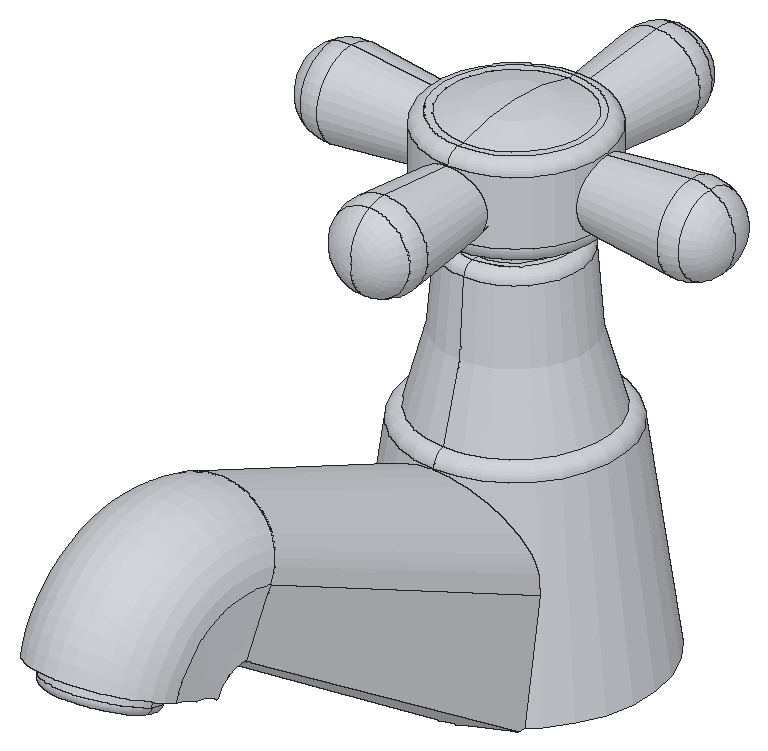
Revit family "01-0900-11-LLAVE INDIVIDUAL LAVAMANOS HELVETIA", category Plumbing Fixtures, host Face, Revit 2018
Family settings
  Host = Face
  Round Connector Dimension = Use Diameter
  Part Type = Normal
  OmniClass Number = 23.31.11.00
  Cut with Voids When Loaded = No
  Shared = No
  Room Calculation Point = No
Parameters (values of type "01-0900-11")
  Waste Water Outlet = ""
  Waste Connection = 1 = 0  # no
  Vent Connection = 1 = 0  # no
  URL = "https://www.gricol.com/"
  Type Image = LLAVE INDIVIDUAL LAVAMANOS HELVETIA FOTO.jpg
  Product Name = " LLAVE INDIVIDUAL LAVAMANOS HELVETIA\r"  # constant formula
  Plastico ABS Cromado = Plastico ABS Cromado
  Model = "01-0900-11"  # constant formula
  Manufacturer = "Gricol"  # constant formula
  Link Ficha Tecnica = "http://infotecnica.gricol.com/FT_01090011_01090011P.pdf"
  Largo = 81 mm
  HW Connection = 1 = 1  # yes
  Description = "Griferia Individual baño"  # constant formula
  Default Elevation = 0 mm
  Date Modified = ""
  Date Created = "05/28/2020"  # constant formula
  Copyright = "All rights reserved © Gricol - 2020."  # constant formula
  CW Connection = 1 = 1  # yes
  Assembly Code = ""
  Ancho = 70 mm
  Alto = 80 mm
Reference planes
  plane 1 "Center (Front/Back)": y = 0
  plane 2: z = 0
  plane 3 "Center (Left/Right)": x = 0
  plane 4: y = -81
  plane 5: x = -35
  plane 6: x = 35
  plane 7: z = 24.975
  plane 8: z = 80
Dimensions and locks
  "Ancho": plane 5 to plane 6
  plane 7 to plane 8 = 55.025 mm
  plane 2 to plane 8 = 80 mm
  "Alto": plane 8 to plane 2
  equal spacing: plane 5, plane 3 "Center (Left/Right)", plane 6
  level to plane 7 = 24.975 mm
  "Largo": plane 1 "Center (Front/Back)" to plane 4
  aligned and locked: plane 2 to host face
  aligned and locked: level to host face
Automatic sketch dimensions
  host sketch curve to host sketch curve = 2438.4 mm  (x2)
Nested families
  nested 1: "LLAVE INDIVIDUAL LAVAMANOS HELVETIA" at (0, 0, -1.193), type "LLAVE INDIVIDUAL LAVAMANOS HELVETIA"
Connectors
  piping at (-8.788, 0.857, -1.193), diameter 12.7
    settings: on nested 1, index 1, connector inside diameter 24", connector length 0 mm, flow factor 0, pipe flow 0 GPM, pressure drop 0.00 psi, fitting loss kfactor 0, connector angle 0.00°, fixture units 0, engagement length 0 mm, angle of deflection 0.00°, flow configuration 0, flow direction 0, fitting loss method 0, system type 7, joint type 0, gender type 0, connector reference index -1, connector utility 0, adjustable connector no, is connector primary yes, connector description ""
Definition of nested family "LLAVE INDIVIDUAL LAVAMANOS HELVETIA"
  Parameters (values of type "LLAVE INDIVIDUAL LAVAMANOS HELVETIA")
    Material = none
  Reference planes
    plane 1 "Center (Front/Back)": y = 0
    plane 2: z = 0
    plane 3 "Center (Left/Right)": x = 0
    plane 4: y = -79.5
    plane 5: z = 80.097
    plane 6: y = 20
    plane 7: x = 81.132
    plane 8: y = -14.487
    plane 9: x = -17.832
    plane 10: x = 17.832
    plane 11: y = -20.112
    plane 12: y = -87.633
    plane 13: y = -92
    plane 14: y = 12.897
    plane 15: through (0, -84.525, 60.273) normal (0, -0.9519, 0.3063)
    plane 16: z = 108.847
    plane 17: z = 132.8
    plane 18: z = 31.972
    plane 19: x = -8.312
    plane 20: x = 8.312
    plane 21: y = 8.278
    plane 22: y = -8.278
  Forms (mm)
    Extrusion 1, solid, material <- "Material"
      sketch origin (0, 0, 0) x (0, 1, 0) y (1, 0, 0)
        loop
          circle (0.857, -8.788) r 3.935
        loop
          circle (0.857, 8.712) r 3.935
      from 0 to 1.193
    SweptBlend 2, solid, material <- "Material"
      path origin (0, -1.19, -26.028) x (0, 1, 0) y (0, 0, 1)
        loop
          arc (-64.509, 71.314) -> (-82.097, 72.371) -> (-94.542, 59.9) r 21.449
      profile origin (0, -65.699, 45.285) x (0, -0.464703, -0.885466) y (1, 0, 0)
        loop
          arc (13.535, 11.955) -> (8.364, 11.988) -> (3.194, 12.018) r 14041.01
          spline (3.194, 12.018) -> (0.185, 11.55) -> (-2.497, 10.232) -> (-4.731, 8.201) -> (-6.375, 5.648) -> (-7.368, 2.786) -> (-7.7, -0.23) -> (-7.368, -3.231) -> (-6.374, -6.099) -> (-4.729, -8.653) -> (-2.497, -10.68) -> (0.186, -11.999) -> (3.192, -12.468)
          arc (3.192, -12.468) -> (8.307, -12.438) -> (13.422, -12.407) r 14503.727
          arc (13.422, -12.407) -> (15.194, -0.234) -> (13.535, 11.955) r 44.097
      end profile origin (0, -95.732, 33.871) x (0, 0.935499, -0.353328) y (1, 0, 0)
        loop
          line (20.371, -12.134) -> (20.371, 11.093) -> (10.371, 11.093)
          arc (10.371, 11.093) -> (-1.242, -0.52) -> (10.371, -12.134) r 11.613
          line (10.371, -12.134) -> (20.371, -12.134)
    Extrusion 3, void
      sketch origin (-0.52, -81.06, 28.33) x (0, 0.935499, -0.353328) y (-1, 0, 0)
        loop
          line (21.634, 18.743) -> (-7.667, 26.04) -> (-20.991, -6.324) -> (7.42, -21.671) -> (21.634, 18.743)
      from 0 to 2.396
    Revolve 4, solid, material <- "Material"
      sketch origin (-0.624, -85.711, 34.092) x (0, 0.353328, 0.935499) y (-1, 0, 0)
        loop
          line (-1.342, 0) -> (-1.342, 8.532) -> (-3.007, 8.532)
          arc (-3.007, 8.532) -> (-3.723, 8.341) -> (-4.246, 7.817) r 1.431
          line (-4.246, 7.817) -> (-4.246, 6.988) -> (-2.331, 6.988)
          arc (-2.331, 6.988) -> (-2.066, 6.723) -> (-2.331, 6.458) r 0.265
          line (-2.331, 6.458) -> (-3.535, 6.458)
          arc (-3.535, 6.458) -> (-3.934, 5.919) -> (-3.301, 5.696) r 0.417
          line (-3.301, 5.696) -> (-3.301, 0) -> (-1.342, 0)
        axis (-1.342, 0) -> (-4.246, 0)
      angle from 0 to 360
    SweptBlend 5, solid, material <- "Material"
      path origin (0, 0, 0) x (0, 1, 0) y (0, 0, 1)
        loop
          line (-66.32, 44.101) -> (-8.514, 13.763)
      profile origin (0, -66.32, 44.101) x (0, 0.464703, 0.885466) y (1, 0, 0)
        loop
          spline (-1.854, -12.471) -> (1.147, -12.009) -> (3.839, -10.681) -> (6.069, -8.655) -> (7.709, -6.111) -> (8.709, -3.24) -> (9.042, -0.23) -> (8.71, 2.785) -> (7.711, 5.658) -> (6.071, 8.204) -> (3.839, 10.233) -> (1.148, 11.56) -> (-1.856, 12.022)
          line (-1.856, 12.022) -> (-12.457, 11.955)
          spline (-12.457, 11.955) -> (-12.967, 9.964) -> (-13.385, 7.95) -> (-13.708, 5.919) -> (-13.936, 3.875) -> (-14.07, 1.823) -> (-14.108, -0.234) -> (-14.051, -2.29) -> (-13.898, -4.341) -> (-13.651, -6.383) -> (-13.308, -8.41) -> (-12.873, -10.42) -> (-12.344, -12.407)
          line (-12.344, -12.407) -> (-1.854, -12.471)
      end profile origin (0, -8.514, 13.763) x (0, 0.464703, 0.885466) y (1, 0, 0)
        loop
          arc (1.873, 14.612) -> (-7.585, 14.556) -> (-17.043, 14.493) r 14041.01
          arc (-17.043, 14.493) -> (-19.502, -0.124) -> (-16.98, -14.73) r 44.098
          arc (-16.98, -14.73) -> (-7.552, -14.791) -> (1.875, -14.845) r 14503.727
          spline (1.875, -14.845) -> (5.485, -14.289) -> (8.722, -12.692) -> (11.405, -10.256) -> (13.377, -7.195) -> (14.58, -3.743) -> (14.979, -0.123) -> (14.581, 3.503) -> (13.379, 6.958) -> (11.407, 10.02) -> (8.722, 12.461) -> (5.486, 14.057) -> (1.873, 14.612)
    Revolve 6, solid, material <- "Material"
      sketch origin (0, 0, 0) x (0, 1, 0) y (0, 0, 1)
        loop
          line (-1.25, 0) -> (20.537, 0) -> (15.754, 34.034)
          arc (15.754, 34.034) -> (15.1, 35.612) -> (13.522, 36.266) r 2.232
          arc (13.522, 36.266) -> (10.347, 47.85) -> (9.369, 59.822) r 64.643
          arc (9.369, 59.822) -> (8.826, 61.133) -> (7.515, 61.676) r 1.854
          line (7.515, 61.676) -> (6.47, 61.676) -> (6.47, 64.659) -> (-1.25, 64.659) -> (-1.25, 0)
        axis (-1.25, 0) -> (-1.25, 64.659)
      angle from 0 to 360
    Extrusion 7, void
      sketch origin (0, 0, 0) x (0, -1, 0) y (0, 0, 1)
        loop
          line (7.412, 0) -> (7.412, -7.207) -> (32.412, -7.207) -> (32.412, 0) -> (7.412, 0)
      from -19.786 to 17.793
    Revolve 8, solid, material <- "Material"
      sketch origin (0.173, 20, 71.807) x (0, -1, 0) y (0, 0, 1)
        loop
          line (21.25, -7.147) -> (21.25, 8.29) -> (21.25, 10.103)
          arc (21.25, 10.103) -> (15.698, 9.679) -> (10.306, 8.29) r 31.714
          line (10.306, 8.29) -> (9.167, 8.29)
          arc (9.167, 8.29) -> (7.707, 7.686) -> (7.103, 6.226) r 2.064
          line (7.103, 6.226) -> (7.103, -4.479)
          arc (7.103, -4.479) -> (7.884, -6.366) -> (9.771, -7.147) r 2.668
          line (9.771, -7.147) -> (21.25, -7.147)
        axis (21.25, -7.147) -> (21.25, 10.103)
      angle from 0 to 360
    Revolve 9, solid, material <- "Material"
      sketch origin (0, 0, 0) x (0, 1, 0) y (0, 0, 1)
        loop
          line (-8.278, 72.181) -> (-8.278, 77.261) -> (-28.332, 79.302)
          arc (-28.332, 79.302) -> (-29.947, 79.233) -> (-31.503, 78.796) r 7.003
          arc (-31.503, 78.796) -> (-34.587, 76.147) -> (-35.478, 72.181) r 6.459
          line (-35.478, 72.181) -> (-8.278, 72.181)
        axis (-8.278, 72.181) -> (-35.478, 72.181)
      angle from 0 to 360
    Revolve 10, solid, material <- "Material"
      sketch origin (0, 0, 0) x (0, -1, 0) y (0, 0, -1)
        loop
          line (-8.278, -72.181) -> (-35.478, -72.181)
          arc (-35.478, -72.181) -> (-34.587, -76.147) -> (-31.503, -78.796) r 6.459
          arc (-31.503, -78.796) -> (-29.947, -79.233) -> (-28.332, -79.302) r 7.003
          line (-28.332, -79.302) -> (-8.278, -77.261) -> (-8.278, -72.181)
        axis (-8.278, -72.181) -> (-35.478, -72.181)
      angle from 0 to 360
    Revolve 11, solid, material <- "Material"
      sketch origin (0.033, 0, 0) x (1, 0, 0) y (0, 0, 1)
        loop
          line (-8.278, 72.181) -> (-8.278, 77.261) -> (-28.332, 79.302)
          arc (-28.332, 79.302) -> (-29.947, 79.233) -> (-31.503, 78.796) r 7.003
          arc (-31.503, 78.796) -> (-34.587, 76.147) -> (-35.478, 72.181) r 6.459
          line (-35.478, 72.181) -> (-8.278, 72.181)
        axis (-8.278, 72.181) -> (-35.478, 72.181)
      angle from 0 to 360
    Revolve 12, solid, material <- "Material"
      sketch origin (0.033, 0, 0) x (-1, 0, 0) y (0, 0, -1)
        loop
          line (-8.278, -72.181) -> (-35.478, -72.181)
          arc (-35.478, -72.181) -> (-34.587, -76.147) -> (-31.503, -78.796) r 6.459
          arc (-31.503, -78.796) -> (-29.947, -79.233) -> (-28.332, -79.302) r 7.003
          line (-28.332, -79.302) -> (-8.278, -77.261) -> (-8.278, -72.181)
        axis (-8.278, -72.181) -> (-35.478, -72.181)
      angle from 0 to 360
  Cuts and joins
    Extrusion 3 cuts SweptBlend 2
    Extrusion 7 cuts SweptBlend 5
    Extrusion 7 cuts Revolve 6
  Dimensions and locks
    plane 4 to plane 1 "Center (Front/Back)" = 79.5 mm
    plane 6 to plane 8 = 34.487 mm  (x2)
    plane 8 to plane 6 = 34.487 mm
    plane 6 to plane 12 = 107.633 mm
    plane 10 to plane 9 = 35.663 mm
    plane 12 to plane 6 = 107.633 mm
    equal spacing: plane 10, plane 3 "Center (Left/Right)", plane 9
    plane 5 to level = 80.097 mm  (x2)
    plane 1 "Center (Front/Back)" to plane 4 = 79.5 mm
    equal spacing: plane 21, plane 1 "Center (Front/Back)", plane 22
    equal spacing: plane 19, plane 3 "Center (Left/Right)", plane 20
    aligned and locked: plane 2 to level
  Automatic sketch dimensions
    plane 20 to Extrusion 1 sketch curve = 0.4 mm
    Extrusion 1 sketch curve to plane 1 "Center (Front/Back)" = 0.857 mm  (x2)
    Extrusion 1 sketch curve to plane 19 = 0.477 mm
    plane 4 to SweptBlend 2 sketch curve = 3.834 mm
    SweptBlend 2 sketch curve to plane 18 = 5.679 mm
    SweptBlend 2 sketch curve to plane 13 = 3.732 mm
    plane 4 to SweptBlend 2 sketch curve = 13.801 mm
    plane 18 to SweptBlend 2 sketch curve = 1.899 mm
    profile plane to SweptBlend 2 sketch curve = 77.766 mm
    profile plane to SweptBlend 2 sketch curve = 77.435 mm
    SweptBlend 2 sketch curve to plane 3 "Center (Left/Right)" = 0.028 mm
    profile plane to SweptBlend 2 sketch curve = 28.902 mm
    SweptBlend 2 sketch curve to profile plane = 3.192 mm
    SweptBlend 2 sketch curve to profile plane = 3.194 mm
    SweptBlend 2 sketch curve to plane 3 "Center (Left/Right)" = 12.468 mm
    SweptBlend 2 sketch curve to SweptBlend 2 sketch curve = 14016.293 mm
    plane 3 "Center (Left/Right)" to SweptBlend 2 sketch curve = 12.018 mm
    SweptBlend 2 sketch curve to SweptBlend 2 sketch curve = 14479.014 mm
    SweptBlend 2 sketch curve to SweptBlend 2 sketch curve = 10.229 mm
    SweptBlend 2 sketch curve to plane 3 "Center (Left/Right)" = 0.52 mm
    SweptBlend 2 sketch curve to profile plane = 10.371 mm
    SweptBlend 2 sketch curve to SweptBlend 2 sketch curve = 10 mm
    SweptBlend 2 sketch curve to plane 3 "Center (Left/Right)" = 12.134 mm
    SweptBlend 2 to Extrusion 3 sketch curve = 5.289 mm
    SweptBlend 2 to Extrusion 3 sketch curve = 25.679 mm
    SweptBlend 2 to Extrusion 3 sketch curve = 12.354 mm
    Extrusion 3 sketch curve to SweptBlend 2 = 2.732 mm
    Extrusion 3 sketch curve to SweptBlend 2 = 7.13 mm
    Extrusion 3 sketch curve to SweptBlend 2 = 16.947 mm
    Extrusion 3 sketch curve to SweptBlend 2 = 10.058 mm
    Extrusion 3 sketch curve to SweptBlend 2 = 14.427 mm
    plane 19 to Revolve 4 sketch curve = 0.7 mm
    Revolve 4 sketch curve to Revolve 4 sketch curve = 0.711 mm
    Revolve 4 sketch curve to Revolve 4 sketch curve = 0.234 mm
    Revolve 4 sketch curve to plane 19 = 0.845 mm
    Revolve 4 sketch curve to Revolve 4 sketch curve = 1.239 mm
    Revolve 4 sketch curve to Revolve 4 sketch curve = 0.677 mm
    Revolve 4 sketch curve to Revolve 4 sketch curve = 1.665 mm
    Revolve 4 sketch curve to Revolve 4 sketch curve = 0.265 mm
    Revolve 4 sketch curve to Revolve 4 sketch curve = 0.417 mm
    Revolve 4 sketch curve to plane 3 "Center (Left/Right)" = 0.624 mm  (x2)
    plane 19 to Revolve 4 sketch curve = 0.586 mm
    Revolve 4 sketch curve to Revolve 4 sketch curve = 6.846 mm
    Revolve 4 sketch curve to Revolve 4 sketch curve = 1.342 mm
    plane 4 to SweptBlend 5 sketch curve = 13.18 mm
    SweptBlend 5 sketch curve to plane 22 = 0.236 mm
    level to SweptBlend 5 sketch curve = 13.763 mm
    plane 18 to SweptBlend 5 sketch curve = 12.129 mm
    profile plane to SweptBlend 5 sketch curve = 12.457 mm
    profile plane to SweptBlend 5 sketch curve = 12.344 mm
    profile plane to SweptBlend 5 sketch curve = 1.856 mm
    profile plane to SweptBlend 5 sketch curve = 1.854 mm
    SweptBlend 5 sketch curve to plane 3 "Center (Left/Right)" = 12.471 mm
    SweptBlend 5 sketch curve to SweptBlend 5 sketch curve = 0.064 mm
    plane 3 "Center (Left/Right)" to SweptBlend 5 sketch curve = 11.955 mm
    SweptBlend 5 sketch curve to SweptBlend 5 sketch curve = 0.067 mm
    SweptBlend 5 sketch curve to profile plane = 29.78 mm
    SweptBlend 5 sketch curve to plane 3 "Center (Left/Right)" = 44.126 mm
    SweptBlend 5 sketch curve to profile plane = 1.873 mm
    SweptBlend 5 sketch curve to profile plane = 1.875 mm
    SweptBlend 5 sketch curve to plane 3 "Center (Left/Right)" = 0.028 mm
    SweptBlend 5 sketch curve to profile plane = 24.595 mm
    SweptBlend 5 sketch curve to profile plane = 80.863 mm
    SweptBlend 5 sketch curve to profile plane = 81.313 mm
    SweptBlend 5 sketch curve to plane 3 "Center (Left/Right)" = 14.845 mm
    SweptBlend 5 sketch curve to SweptBlend 5 sketch curve = 14011.33 mm
    plane 3 "Center (Left/Right)" to SweptBlend 5 sketch curve = 14.612 mm
    SweptBlend 5 sketch curve to SweptBlend 5 sketch curve = 14474.051 mm
    SweptBlend 5 sketch curve to plane 3 "Center (Left/Right)" = 14.73 mm
    Revolve 6 sketch curve to level = 0 mm  (x2)
    plane 1 "Center (Front/Back)" to Revolve 6 sketch curve = 1.25 mm  (x2)
    Revolve 6 sketch curve to plane 21 = 1.808 mm
    Revolve 6 sketch curve to plane 21 = 0.763 mm
    plane 14 to Revolve 6 sketch curve = 0.625 mm
    plane 18 to Revolve 6 sketch curve = 2.062 mm
    Revolve 6 sketch curve to Revolve 6 sketch curve = 2.232 mm
    plane 6 to Revolve 6 sketch curve = 0.537 mm
    Revolve 6 sketch curve to plane 5 = 21.022 mm
    plane 6 to Revolve 6 sketch curve = 54.007 mm
    Revolve 6 sketch curve to plane 5 = 20.275 mm
    Revolve 6 sketch curve to Revolve 6 sketch curve = 2.984 mm
    Revolve 6 sketch curve to Revolve 6 sketch curve = 7.147 mm
    Extrusion 7 sketch curve to level = 0 mm
    plane 22 to Extrusion 7 sketch curve = 0.866 mm
    plane 11 to Extrusion 7 sketch curve = 12.301 mm
    Extrusion 7 sketch curve to level = 7.207 mm
    Revolve 9 sketch curve to plane 22 = 0 mm  (x2)
    Revolve 9 sketch curve to plane 5 = 0.795 mm
    plane 11 to Revolve 9 sketch curve = 8.221 mm
    Revolve 9 sketch curve to Revolve 9 sketch curve = 0.512 mm
    Revolve 9 sketch curve to Revolve 9 sketch curve = 0.207 mm
    Revolve 9 sketch curve to Revolve 9 sketch curve = 6.427 mm
    Revolve 9 sketch curve to plane 5 = 2.836 mm
    Revolve 9 sketch curve to Revolve 9 sketch curve = 6.481 mm
    Revolve 9 sketch curve to Revolve 9 sketch curve = 0.503 mm
    Revolve 9 sketch curve to Revolve 9 sketch curve = 5.08 mm
    Revolve 9 sketch curve to Revolve 9 sketch curve = 2.2 mm
    Revolve 9 sketch curve to Revolve 9 sketch curve = 0 mm
    Revolve 10 sketch curve to plane 21 = 0 mm  (x2)
    Revolve 10 sketch curve to plane 5 = 0.795 mm
    plane 6 to Revolve 10 sketch curve = 8.332 mm
    Revolve 10 sketch curve to Revolve 10 sketch curve = 0.512 mm
    Revolve 10 sketch curve to Revolve 10 sketch curve = 0.207 mm
    Revolve 10 sketch curve to Revolve 10 sketch curve = 6.427 mm
    Revolve 10 sketch curve to plane 5 = 2.836 mm
    Revolve 10 sketch curve to Revolve 10 sketch curve = 6.481 mm
    Revolve 10 sketch curve to Revolve 10 sketch curve = 0.503 mm
    Revolve 10 sketch curve to Revolve 10 sketch curve = 5.08 mm
    Revolve 10 sketch curve to Revolve 10 sketch curve = 2.2 mm
    Revolve 10 sketch curve to Revolve 10 sketch curve = 0 mm
    Revolve 11 sketch curve to plane 3 "Center (Left/Right)" = 35.444 mm
    Revolve 11 sketch curve to plane 3 "Center (Left/Right)" = 29.017 mm
    Revolve 11 sketch curve to Revolve 11 sketch curve = 0.207 mm
    Revolve 11 sketch curve to plane 5 = 0.795 mm
    Revolve 11 sketch curve to plane 20 = 36.61 mm
    Revolve 11 sketch curve to plane 5 = 2.836 mm
    Revolve 11 sketch curve to plane 10 = 26.076 mm
    Revolve 11 sketch curve to Revolve 11 sketch curve = 6.481 mm
    Revolve 11 sketch curve to Revolve 11 sketch curve = 0.503 mm
    Revolve 11 sketch curve to Revolve 11 sketch curve = 5.08 mm
    Revolve 11 sketch curve to plane 3 "Center (Left/Right)" = 33.245 mm
    Revolve 11 sketch curve to Revolve 11 sketch curve = 0 mm  (x2)
    plane 7 to Revolve 12 sketch curve = 45.62 mm
    Revolve 12 sketch curve to Revolve 12 sketch curve = 6.427 mm
    Revolve 12 sketch curve to Revolve 12 sketch curve = 0.207 mm
    Revolve 12 sketch curve to plane 5 = 0.795 mm
    Revolve 12 sketch curve to Revolve 12 sketch curve = 0.718 mm
    Revolve 12 sketch curve to plane 5 = 2.836 mm
    Revolve 12 sketch curve to Revolve 12 sketch curve = 20.054 mm
    Revolve 12 sketch curve to Revolve 12 sketch curve = 6.481 mm
    Revolve 12 sketch curve to Revolve 12 sketch curve = 0.503 mm
    Revolve 12 sketch curve to Revolve 12 sketch curve = 5.08 mm
    Revolve 12 sketch curve to Revolve 12 sketch curve = 2.2 mm
    Revolve 12 sketch curve to Revolve 12 sketch curve = 0 mm  (x2)
    Revolve 8 sketch curve to plane 14 = 0 mm
    Revolve 8 sketch curve to plane 5 = 0 mm  (x3)
    Revolve 8 sketch curve to plane 14 = 2.064 mm
    plane 21 to Revolve 8 sketch curve = 1.951 mm
    plane 1 "Center (Front/Back)" to Revolve 8 sketch curve = 0.881 mm
    plane 1 "Center (Front/Back)" to Revolve 8 sketch curve = 1.25 mm
    Revolve 8 sketch curve to Revolve 8 sketch curve = 10.705 mm
    Revolve 8 sketch curve to Revolve 8 sketch curve = 14.46 mm
    Revolve 8 sketch curve to Revolve 8 sketch curve = 1.139 mm
    Revolve 8 sketch curve to Revolve 8 sketch curve = 0 mm  (x2)
    radius of Extrusion 1 sketch curve = 3.935 mm  (x2)
